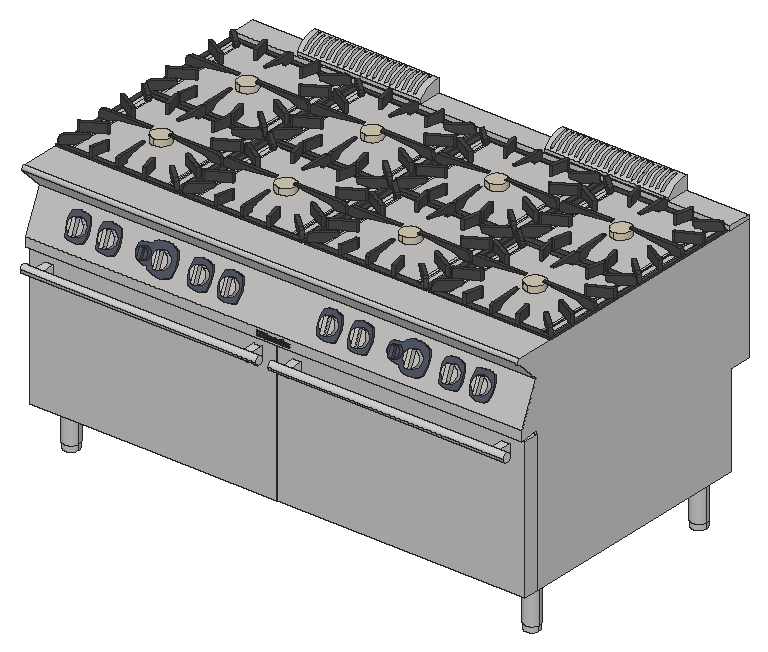
Revit family "QF_ELECTROLUXPROFESSIONAL_391017_E9GCGP8CG0", category Specialty Equipment, Revit 2018
Family settings
  Round Connector Dimension = Use Diameter
  Part Type = Normal
  Work Plane-Based = No
  Always vertical = Yes
  Cut with Voids When Loaded = No
  Shared = No
  Room Calculation Point = No
Parameters
  Width = 1200 mm
  Weight in Pounds = 300  # constant formula
  Watts = 0 W
  URL Cutsheet = "www.electrolux.com"
  URL = "www.electrolux.com"
  Type Mark [instance] = ""
  Status [instance] = ""
  Specification by User [instance] = ""
  Specification by Manufacturer = ""
  Show Logo [instance] = yes
  Show Clearance [instance] = yes
  Serial Number = ""
  Seismic Rating = ""
  SMACNA No = ""
  Revision Code [instance] = ""
  Omniclass Number and Title = ""
  NAFEM Spec ID Number = ""
  Model = "391017"
  Mechanical Remarks [instance] = ""
  Mechanical Connection Type [instance] = ""
  Masterspec = ""
  Manufacturer = "ELECTROLUX"
  Item Number [instance] = ""
  Installed By [instance] = ""
  Identify Quantity as Lot [instance] = yes
  Height = 909 mm
  HP = "0 HP"
  Gas Size = 12.7 mm  # 1/2"
  Gas RI Height [instance] = 0 mm
  Gas KW [instance] = 73  # constant formula
  Gas Input [instance] = 248857.0 Btu/h
  Gas Connection Height = 0 mm
  Furnished By [instance] = ""
  Foodservice Equipment Identifier [instance] = yes
  Direct Waste Size = 0"
  Description = "900XP 8 GAS BURNERS 6kW ON TWO GAS OVEN"
  Depth = 930 mm
  CSI MasterFormat = ""
  CSI Master Format = ""
  Assembly Code = ""
Reference planes
  plane 1 "BACK": y = 0
  plane 2: z = 0
  plane 3 "LEFT": x = 0
  plane 4 "RIGHT": x = 1600
  plane 5 "FRONT": y = -700
  plane 6 "TOP": z = 908
  plane 7 "Center Y": x = 800
  plane 8 "Center X": y = -350
  plane 9 "Base": z = 150
  plane 10: z = 850
  plane 11: y = -930
  plane 12: y = -1109
  plane 13: y = -128
  plane 14: y = -802
  plane 15: y = -1310
  plane 16: y = -665
  plane 17: x = 56
  plane 18: x = 1544
  plane 19: x = 749
Forms (mm)
  Extrusion 1, solid, material "QF_Finishes_Stainless Steel"
    sketch origin (0, 0, 0) x (0, 1, 0) y (0, 0, 1)
      loop
        line (0, 450) -> (0, 850) -> (-921.37, 850)
        arc (-921.37, 850) -> (-929.343, 844.673) -> (-927.472, 835.268) r 8.63
        line (-927.472, 835.268) -> (-858.266, 765.933) -> (-915.833, 640.576) -> (-915.833, 609.279) -> (-855.839, 613.975)
        arc (-855.839, 613.975) -> (-853.314, 613.227) -> (-852.222, 610.831) r 3.175
        line (-852.222, 610.831) -> (-852.222, 150) -> (-71, 150) -> (-71, 450) -> (0, 450)
    from 0 to 1600
  Extrusion 2, solid, material "QF_Finishes_Stainless Steel"
    sketch origin (0, -852.222, 610.831) x (0, 0, -1) y (1, 0, 0)
      loop
        line (460.831, 363.774) -> (460.831, 798) -> (9.61, 798) -> (9.61, 378.321) -> (9.61, 0) -> (460.831, 0) -> (460.831, 363.774)
      loop
        line (9.61, 1600) -> (9.61, 802) -> (460.831, 802) -> (460.831, 1600) -> (9.61, 1600)
    from 3.175 to 47.778
  Extrusion 3, solid, material "QF_Finishes_Stainless Steel"
    sketch origin (0, 0, 0) x (0, -1, 0) y (0, 0, 1)
      loop
        line (0, 850) -> (76.2, 850) -> (76.2, 864.288) -> (0, 864.288) -> (0, 850)
    from 0 to -1600
  Extrusion 4, solid, material "QF_Finishes_Stainless Steel"
    sketch origin (0, -852.222, 150) x (1, 0, 0) y (0, -1, 0)
      loop
        circle (1549, -187.222) r 6.4
      loop
        circle (749, -187.222) r 6.4
    from 0 to 22
  Extrusion 5, solid, material "QF_Door-Drawer Clearances", visible <- "Show Clearance", detail levels coarse
    sketch origin (0, -200, 0) x (0, 1, 0) y (0, 0, 1)
      loop
        line (-1110, 150) -> (-700, 150) -> (-700, 602.41)
        arc (-700, 602.41) -> (-992.25, 455.276) -> (-1110, 150) r 454.603
    from 0 to 798
  Extrusion 6, solid, material "QF_Clearances", visible <- "Show Clearance", detail levels coarse
    sketch origin (0, -200, 0) x (1, 0, 0) y (0, 1, 0)
      loop
        line (-100, -730) -> (0, -730) -> (0, 200) -> (1600, 200) -> (1600, -730) -> (1700, -730) -> (1700, 300) -> (-100, 300) -> (-100, -730)
    from 0 to 908
  Extrusion 7, solid, material "QF_Finishes_Handrails and Railings"
    sketch origin (0, -200, 0) x (0, 1, 0) y (0, 0, 1)
      loop
        line (-700, 579.101) -> (-738.549, 576.396)
        arc (-738.549, 576.396) -> (-739.742, 562.589) -> (-752.852, 558.093) r 12.7
        arc (-752.852, 558.093) -> (-752.311, 557.276) -> (-751.712, 556.501) r 13.441
        arc (-751.712, 556.501) -> (-749.907, 555.055) -> (-747.68, 554.435) r 5.77
        line (-747.68, 554.435) -> (-700, 551.092) -> (-700, 579.101)
    from 50.8 to 76.2
  Extrusion 8, solid, material "QF_Finishes_Handrails and Railings"
    sketch origin (800, -200, 0) x (0, 1, 0) y (0, 0, -1)
      loop
        line (-700, -579.101) -> (-700, -551.092) -> (-747.68, -554.435)
        arc (-747.68, -554.435) -> (-749.907, -555.055) -> (-751.712, -556.501) r 5.77
        arc (-751.712, -556.501) -> (-752.311, -557.276) -> (-752.852, -558.093) r 13.441
        arc (-752.852, -558.093) -> (-739.742, -562.589) -> (-738.549, -576.396) r 12.7
        line (-738.549, -576.396) -> (-700, -579.101)
    from 50.8 to 76.2
  Extrusion 9, solid, material "QF_Finishes_Handrails and Railings"
    sketch origin (0, -200, 0) x (0, 1, 0) y (0, 0, 1)
      loop
        circle (-749.749, 570.409) r 12.7
    from 19.875 to 780.125
  Extrusion 10, solid, material "QF_Finishes_Navy Blue"
    sketch origin (2.744, -913.772, 646.186) x (0, 0.418102, 0.9084) y (-1, 0, 0)
      loop
        arc (102.623, -510.47) -> (67.041, -502.846) -> (31.333, -509.853) r 90.5
        arc (31.333, -509.853) -> (24.507, -539.04) -> (31.333, -568.228) r 65.817
        arc (31.333, -568.228) -> (67.04, -575.188) -> (102.623, -567.615) r 91.066
        arc (102.623, -567.615) -> (109.179, -539.043) -> (102.623, -510.47) r 65.546
    from 0 to 3.175
  Extrusion 11, solid, material "QF_Finishes_Stainless Steel"
    sketch origin (381.494, -917.485, 645.711) x (0, 0.418102, 0.9084) y (-1, 0, 0)
      loop
        circle (68.826, -160.963) r 25.4
    from 0 to 12.7
  Extrusion 12, solid, material "QF_Finishes_Stainless Steel"
    sketch origin (381.494, -929.022, 651.021) x (0, 0.418102, 0.9084) y (-1, 0, 0)
      loop
        arc (93.558, -166.749) -> (94.226, -160.963) -> (93.558, -155.177) r 25.4
        line (93.558, -155.177) -> (44.094, -155.177)
        arc (44.094, -155.177) -> (43.426, -160.963) -> (44.094, -166.749) r 25.4
        line (44.094, -166.749) -> (93.558, -166.749)
    from 0 to 12.7
  Extrusion 13, solid, material "QF_Finishes_Navy Blue"
    sketch origin (-119.713, -913.772, 646.186) x (0, 0.418102, 0.9084) y (-1, 0, 0)
      loop
        arc (104.355, -502.587) -> (101.326, -501.258) -> (98.25, -500.039) r 91.066
        arc (98.25, -500.039) -> (96.592, -482.449) -> (93.213, -465.107) r 179.528
        arc (93.213, -465.107) -> (69.244, -452.795) -> (45.274, -465.107) r 29.489
        arc (45.274, -465.107) -> (38.909, -481.441) -> (37.449, -498.912) r 61.044
        arc (37.449, -498.912) -> (34.471, -499.962) -> (31.532, -501.116) r 91.066
        arc (31.532, -501.116) -> (19.517, -540.223) -> (32.929, -578.873) r 65.817
        arc (32.929, -578.873) -> (68.105, -585.173) -> (102.996, -577.452) r 91.066
        arc (102.996, -577.452) -> (115.418, -540.233) -> (104.355, -502.587) r 65.546
    from 0 to 3.175
  Extrusion 14, solid, material "QF_Finishes_Stainless Steel"
    sketch origin (259.037, -917.485, 645.711) x (0, 0.418102, 0.9084) y (-1, 0, 0)
      loop
        circle (68.826, -160.963) r 25.4
    from 0 to 12.7
  Extrusion 15, solid, material "QF_Finishes_Stainless Steel"
    sketch origin (259.037, -929.022, 651.021) x (0, 0.418102, 0.9084) y (-1, 0, 0)
      loop
        arc (93.558, -166.749) -> (94.226, -160.963) -> (93.558, -155.177) r 25.4
        line (93.558, -155.177) -> (44.094, -155.177)
        arc (44.094, -155.177) -> (43.426, -160.963) -> (44.094, -166.749) r 25.4
        line (44.094, -166.749) -> (93.558, -166.749)
    from 0 to 12.7
  Extrusion 16, solid, material "QF_Finishes_Navy Blue"
    sketch origin (201.537, -917.485, 645.711) x (0, 0.418102, 0.9084) y (-1, 0, 0)
      loop
        circle (68.826, -160.963) r 18.37
    from 0 to 12.7
  Extrusion 17, solid, material "QF_Finishes_Navy Blue"
    sketch origin (200.246, -929.022, 651.021) x (0, 0.418102, 0.9084) y (-1, 0, 0)
      loop
        arc (84.808, -167.687) -> (85.476, -161.901) -> (84.808, -156.114) r 25.4
        line (84.808, -156.114) -> (52.844, -156.114)
        arc (52.844, -156.114) -> (52.176, -161.901) -> (52.844, -167.687) r 25.4
        line (52.844, -167.687) -> (84.808, -167.687)
    from 0 to 8.112
  Extrusion 18, solid, material "QF_Finishes_Navy Blue"
    sketch origin (100.244, -913.772, 646.186) x (0, 0.418102, 0.9084) y (-1, 0, 0)
      loop
        arc (102.623, -510.47) -> (67.041, -502.846) -> (31.333, -509.853) r 90.5
        arc (31.333, -509.853) -> (24.507, -539.04) -> (31.333, -568.228) r 65.817
        arc (31.333, -568.228) -> (67.04, -575.188) -> (102.623, -567.615) r 91.066
        arc (102.623, -567.615) -> (109.179, -539.043) -> (102.623, -510.47) r 65.546
    from 0 to 3.175
  Extrusion 19, solid, material "QF_Finishes_Stainless Steel"
    sketch origin (478.994, -917.485, 645.711) x (0, 0.418102, 0.9084) y (-1, 0, 0)
      loop
        circle (68.826, -160.963) r 25.4
    from 0 to 12.7
  Extrusion 20, solid, material "QF_Finishes_Stainless Steel"
    sketch origin (478.994, -929.022, 651.021) x (0, 0.418102, 0.9084) y (-1, 0, 0)
      loop
        arc (93.558, -166.749) -> (94.226, -160.963) -> (93.558, -155.177) r 25.4
        line (93.558, -155.177) -> (44.094, -155.177)
        arc (44.094, -155.177) -> (43.426, -160.963) -> (44.094, -166.749) r 25.4
        line (44.094, -166.749) -> (93.558, -166.749)
    from 0 to 12.7
  Extrusion 21, solid, material "QF_Finishes_Navy Blue"
    sketch origin (-392.256, -913.772, 646.186) x (0, 0.418102, 0.9084) y (-1, 0, 0)
      loop
        arc (102.623, -510.47) -> (67.041, -502.846) -> (31.333, -509.853) r 90.5
        arc (31.333, -509.853) -> (24.507, -539.04) -> (31.333, -568.228) r 65.817
        arc (31.333, -568.228) -> (67.04, -575.188) -> (102.623, -567.615) r 91.066
        arc (102.623, -567.615) -> (109.179, -539.043) -> (102.623, -510.47) r 65.546
    from 0 to 3.175
  Extrusion 22, solid, material "QF_Finishes_Stainless Steel"
    sketch origin (-13.506, -917.485, 645.711) x (0, 0.418102, 0.9084) y (-1, 0, 0)
      loop
        circle (68.826, -160.963) r 25.4
    from 0 to 12.7
  Extrusion 23, solid, material "QF_Finishes_Stainless Steel"
    sketch origin (-13.506, -929.022, 651.021) x (0, 0.418102, 0.9084) y (-1, 0, 0)
      loop
        arc (93.558, -166.749) -> (94.226, -160.963) -> (93.558, -155.177) r 25.4
        line (93.558, -155.177) -> (44.094, -155.177)
        arc (44.094, -155.177) -> (43.426, -160.963) -> (44.094, -166.749) r 25.4
        line (44.094, -166.749) -> (93.558, -166.749)
    from 0 to 12.7
  Extrusion 24, solid, material "QF_Finishes_Navy Blue"
    sketch origin (-292.256, -913.772, 646.186) x (0, 0.418102, 0.9084) y (-1, 0, 0)
      loop
        arc (102.623, -510.47) -> (67.041, -502.846) -> (31.333, -509.853) r 90.5
        arc (31.333, -509.853) -> (24.507, -539.04) -> (31.333, -568.228) r 65.817
        arc (31.333, -568.228) -> (67.04, -575.188) -> (102.623, -567.615) r 91.066
        arc (102.623, -567.615) -> (109.179, -539.043) -> (102.623, -510.47) r 65.546
    from 0 to 3.175
  Extrusion 25, solid, material "QF_Finishes_Stainless Steel"
    sketch origin (86.494, -917.485, 645.711) x (0, 0.418102, 0.9084) y (-1, 0, 0)
      loop
        circle (68.826, -160.963) r 25.4
    from 0 to 12.7
  Extrusion 26, solid, material "QF_Finishes_Stainless Steel"
    sketch origin (86.494, -929.022, 651.021) x (0, 0.418102, 0.9084) y (-1, 0, 0)
      loop
        arc (93.558, -166.749) -> (94.226, -160.963) -> (93.558, -155.177) r 25.4
        line (93.558, -155.177) -> (44.094, -155.177)
        arc (44.094, -155.177) -> (43.426, -160.963) -> (44.094, -166.749) r 25.4
        line (44.094, -166.749) -> (93.558, -166.749)
    from 0 to 12.7
  Extrusion 27, solid, material "QF_Finishes_Stainless Steel"
    sketch origin (0, -852.222, 150) x (1, 0, 0) y (0, -1, 0)
      loop
        circle (1557, -276.222) r 12.7
    from 0 to 5
  Revolve 28, solid, material "QF_Finishes_Stainless Steel"
    sketch origin (1, -128, 0) x (1, 0, 0) y (0, 0, 1)
      loop
        line (55, 0) -> (55, 150) -> (29.6, 150) -> (29.6, 19.05) -> (32.1, 19.05) -> (32.1, 0) -> (55, 0)
      axis (55, 0) -> (55, 150)
    angle from 0 to 360
  Revolve 29, solid, material "QF_Finishes_Stainless Steel"
    sketch origin (1, -802, 0) x (1, 0, 0) y (0, 0, 1)
      loop
        line (55, 0) -> (55, 150) -> (29.6, 150) -> (29.6, 19.05) -> (32.1, 19.05) -> (32.1, 0) -> (55, 0)
      axis (55, 0) -> (55, 150)
    angle from 0 to 360
  Extrusion 30, solid, material "QF_Finishes_Stainless Steel"
    sketch origin (1000, -200, 590.5) x (0, 1, 0) y (0, 0, -1)
      loop
        line (200, -273.788) -> (130.15, -273.788) -> (130.15, -283.312)
        arc (130.15, -283.312) -> (160.928, -308.879) -> (200, -317.5) r 84.854
        line (200, -317.5) -> (200, -273.788)
    from 400 to 800
  Extrusion 31, void
    sketch origin (1265.011, 0, 865.138) x (1, 0, 0) y (0, 1, 0)
      loop
        line (-695.005, -6.761) -> (-695.005, -63.911) -> (-685.709, -63.911) -> (-685.709, -6.761) -> (-695.005, -6.761)
      loop
        line (-713.697, -6.761) -> (-713.697, -63.911) -> (-704.401, -63.911) -> (-704.401, -6.761) -> (-713.697, -6.761)
      loop
        line (-732.39, -6.761) -> (-732.39, -63.911) -> (-723.094, -63.911) -> (-723.094, -6.761) -> (-732.39, -6.761)
      loop
        line (-751.082, -6.761) -> (-751.082, -63.911) -> (-741.787, -63.911) -> (-741.787, -6.761) -> (-751.082, -6.761)
      loop
        line (-769.775, -6.761) -> (-769.775, -63.911) -> (-760.479, -63.911) -> (-760.479, -6.761) -> (-769.775, -6.761)
      loop
        line (-788.468, -6.761) -> (-788.468, -63.911) -> (-779.172, -63.911) -> (-779.172, -6.761) -> (-788.468, -6.761)
      loop
        line (-807.16, -6.761) -> (-807.16, -63.911) -> (-797.864, -63.911) -> (-797.864, -6.761) -> (-807.16, -6.761)
      loop
        line (-825.853, -6.761) -> (-825.853, -63.911) -> (-816.557, -63.911) -> (-816.557, -6.761) -> (-825.853, -6.761)
      loop
        line (-844.545, -6.761) -> (-844.545, -63.911) -> (-835.25, -63.911) -> (-835.25, -6.761) -> (-844.545, -6.761)
      loop
        line (-863.238, -6.761) -> (-863.238, -63.911) -> (-853.942, -63.911) -> (-853.942, -6.761) -> (-863.238, -6.761)
      loop
        line (-881.931, -6.761) -> (-881.931, -63.911) -> (-872.635, -63.911) -> (-872.635, -6.761) -> (-881.931, -6.761)
      loop
        line (-900.623, -6.761) -> (-900.623, -63.911) -> (-891.328, -63.911) -> (-891.328, -6.761) -> (-900.623, -6.761)
      loop
        line (-919.316, -6.761) -> (-919.316, -63.911) -> (-910.02, -63.911) -> (-910.02, -6.761) -> (-919.316, -6.761)
      loop
        line (-938.008, -6.761) -> (-938.008, -63.911) -> (-928.713, -63.911) -> (-928.713, -6.761) -> (-938.008, -6.761)
      loop
        line (-956.701, -6.761) -> (-956.701, -63.911) -> (-947.405, -63.911) -> (-947.405, -6.761) -> (-956.701, -6.761)
      loop
        line (-975.394, -6.761) -> (-975.394, -63.911) -> (-966.098, -63.911) -> (-966.098, -6.761) -> (-975.394, -6.761)
      loop
        line (-994.086, -6.761) -> (-994.086, -63.911) -> (-984.791, -63.911) -> (-984.791, -6.761) -> (-994.086, -6.761)
      loop
        line (-1012.779, -6.761) -> (-1012.779, -63.911) -> (-1003.483, -63.911) -> (-1003.483, -6.761) -> (-1012.779, -6.761)
      loop
        line (-1031.472, -6.761) -> (-1031.472, -63.911) -> (-1022.176, -63.911) -> (-1022.176, -6.761) -> (-1031.472, -6.761)
      loop
        line (-1050.164, -6.761) -> (-1050.164, -63.911) -> (-1040.868, -63.911) -> (-1040.868, -6.761) -> (-1050.164, -6.761)
    from 9.525 to 45.348
  Extrusion 32, solid, material "QF_Finishes_Handrails and Railings"
    sketch origin (1600, -200, 0) x (0, 1, 0) y (0, 0, -1)
      loop
        line (-700, -579.101) -> (-700, -551.092) -> (-747.68, -554.435)
        arc (-747.68, -554.435) -> (-749.907, -555.055) -> (-751.712, -556.501) r 5.77
        arc (-751.712, -556.501) -> (-752.311, -557.276) -> (-752.852, -558.093) r 13.441
        arc (-752.852, -558.093) -> (-739.742, -562.589) -> (-738.549, -576.396) r 12.7
        line (-738.549, -576.396) -> (-700, -579.101)
    from 50.8 to 76.2
  Extrusion 33, solid, material "QF_Finishes_Handrails and Railings"
    sketch origin (800, -200, 0) x (0, 1, 0) y (0, 0, 1)
      loop
        line (-700, 579.101) -> (-738.549, 576.396)
        arc (-738.549, 576.396) -> (-739.742, 562.589) -> (-752.852, 558.093) r 12.7
        arc (-752.852, 558.093) -> (-752.311, 557.276) -> (-751.712, 556.501) r 13.441
        arc (-751.712, 556.501) -> (-749.907, 555.055) -> (-747.68, 554.435) r 5.77
        line (-747.68, 554.435) -> (-700, 551.092) -> (-700, 579.101)
    from 50.8 to 76.2
  Extrusion 34, solid, material "QF_Finishes_Handrails and Railings"
    sketch origin (1600, -200, 0) x (0, 1, 0) y (0, 0, -1)
      loop
        circle (-749.749, -570.409) r 12.7
    from 19.875 to 780.125
  Revolve 35, solid, material "QF_Finishes_Stainless Steel"
    sketch origin (1599, -128, 0) x (-1, 0, 0) y (0, 0, -1)
      loop
        line (55, 0) -> (32.1, 0) -> (32.1, -19.05) -> (29.6, -19.05) -> (29.6, -150) -> (55, -150) -> (55, 0)
      axis (55, 0) -> (55, -150)
    angle from 0 to 360
  Revolve 36, solid, material "QF_Finishes_Stainless Steel"
    sketch origin (1599, -802, 0) x (-1, 0, 0) y (0, 0, -1)
      loop
        line (55, 0) -> (32.1, 0) -> (32.1, -19.05) -> (29.6, -19.05) -> (29.6, -150) -> (55, -150) -> (55, 0)
      axis (55, 0) -> (55, -150)
    angle from 0 to 360
  Extrusion 37, solid, material "QF_Finishes_Navy Blue"
    sketch origin (815.33, -913.772, 646.186) x (0, 0.418102, 0.9084) y (-1, 0, 0)
      loop
        arc (102.623, -510.47) -> (67.041, -502.846) -> (31.333, -509.853) r 90.5
        arc (31.333, -509.853) -> (24.507, -539.04) -> (31.333, -568.228) r 65.817
        arc (31.333, -568.228) -> (67.04, -575.188) -> (102.623, -567.615) r 91.066
        arc (102.623, -567.615) -> (109.179, -539.043) -> (102.623, -510.47) r 65.546
    from 0 to 3.175
  Extrusion 38, solid, material "QF_Finishes_Stainless Steel"
    sketch origin (1194.08, -917.485, 645.711) x (0, 0.418102, 0.9084) y (-1, 0, 0)
      loop
        circle (68.826, -160.963) r 25.4
    from 0 to 12.7
  Extrusion 39, solid, material "QF_Finishes_Stainless Steel"
    sketch origin (1194.08, -929.022, 651.021) x (0, 0.418102, 0.9084) y (-1, 0, 0)
      loop
        arc (93.558, -166.749) -> (94.226, -160.963) -> (93.558, -155.177) r 25.4
        line (93.558, -155.177) -> (44.094, -155.177)
        arc (44.094, -155.177) -> (43.426, -160.963) -> (44.094, -166.749) r 25.4
        line (44.094, -166.749) -> (93.558, -166.749)
    from 0 to 12.7
  Extrusion 40, solid, material "QF_Finishes_Navy Blue"
    sketch origin (692.873, -913.772, 646.186) x (0, 0.418102, 0.9084) y (-1, 0, 0)
      loop
        arc (104.355, -502.587) -> (101.326, -501.258) -> (98.25, -500.039) r 91.066
        arc (98.25, -500.039) -> (96.592, -482.449) -> (93.213, -465.107) r 179.528
        arc (93.213, -465.107) -> (69.244, -452.795) -> (45.274, -465.107) r 29.489
        arc (45.274, -465.107) -> (38.909, -481.441) -> (37.449, -498.912) r 61.044
        arc (37.449, -498.912) -> (34.471, -499.962) -> (31.532, -501.116) r 91.066
        arc (31.532, -501.116) -> (19.517, -540.223) -> (32.929, -578.873) r 65.817
        arc (32.929, -578.873) -> (68.105, -585.173) -> (102.996, -577.452) r 91.066
        arc (102.996, -577.452) -> (115.418, -540.233) -> (104.355, -502.587) r 65.546
    from 0 to 3.175
  Extrusion 41, solid, material "QF_Finishes_Stainless Steel"
    sketch origin (1071.623, -917.485, 645.711) x (0, 0.418102, 0.9084) y (-1, 0, 0)
      loop
        circle (68.826, -160.963) r 25.4
    from 0 to 12.7
  Extrusion 42, solid, material "QF_Finishes_Stainless Steel"
    sketch origin (1071.623, -929.022, 651.021) x (0, 0.418102, 0.9084) y (-1, 0, 0)
      loop
        arc (93.558, -166.749) -> (94.226, -160.963) -> (93.558, -155.177) r 25.4
        line (93.558, -155.177) -> (44.094, -155.177)
        arc (44.094, -155.177) -> (43.426, -160.963) -> (44.094, -166.749) r 25.4
        line (44.094, -166.749) -> (93.558, -166.749)
    from 0 to 12.7
  Extrusion 43, solid, material "QF_Finishes_Navy Blue"
    sketch origin (1014.123, -917.485, 645.711) x (0, 0.418102, 0.9084) y (-1, 0, 0)
      loop
        circle (68.826, -160.963) r 18.37
    from 0 to 12.7
  Extrusion 44, solid, material "QF_Finishes_Navy Blue"
    sketch origin (1012.832, -929.022, 651.021) x (0, 0.418102, 0.9084) y (-1, 0, 0)
      loop
        arc (84.808, -167.687) -> (85.476, -161.901) -> (84.808, -156.114) r 25.4
        line (84.808, -156.114) -> (52.844, -156.114)
        arc (52.844, -156.114) -> (52.176, -161.901) -> (52.844, -167.687) r 25.4
        line (52.844, -167.687) -> (84.808, -167.687)
    from 0 to 8.112
  Extrusion 45, solid, material "QF_Finishes_Navy Blue"
    sketch origin (912.83, -913.772, 646.186) x (0, 0.418102, 0.9084) y (-1, 0, 0)
      loop
        arc (102.623, -510.47) -> (67.041, -502.846) -> (31.333, -509.853) r 90.5
        arc (31.333, -509.853) -> (24.507, -539.04) -> (31.333, -568.228) r 65.817
        arc (31.333, -568.228) -> (67.04, -575.188) -> (102.623, -567.615) r 91.066
        arc (102.623, -567.615) -> (109.179, -539.043) -> (102.623, -510.47) r 65.546
    from 0 to 3.175
  Extrusion 46, solid, material "QF_Finishes_Stainless Steel"
    sketch origin (1291.58, -917.485, 645.711) x (0, 0.418102, 0.9084) y (-1, 0, 0)
      loop
        circle (68.826, -160.963) r 25.4
    from 0 to 12.7
  Extrusion 47, solid, material "QF_Finishes_Stainless Steel"
    sketch origin (1291.58, -929.022, 651.021) x (0, 0.418102, 0.9084) y (-1, 0, 0)
      loop
        arc (93.558, -166.749) -> (94.226, -160.963) -> (93.558, -155.177) r 25.4
        line (93.558, -155.177) -> (44.094, -155.177)
        arc (44.094, -155.177) -> (43.426, -160.963) -> (44.094, -166.749) r 25.4
        line (44.094, -166.749) -> (93.558, -166.749)
    from 0 to 12.7
  Extrusion 48, solid, material "QF_Finishes_Navy Blue"
    sketch origin (420.33, -913.772, 646.186) x (0, 0.418102, 0.9084) y (-1, 0, 0)
      loop
        arc (102.623, -510.47) -> (67.041, -502.846) -> (31.333, -509.853) r 90.5
        arc (31.333, -509.853) -> (24.507, -539.04) -> (31.333, -568.228) r 65.817
        arc (31.333, -568.228) -> (67.04, -575.188) -> (102.623, -567.615) r 91.066
        arc (102.623, -567.615) -> (109.179, -539.043) -> (102.623, -510.47) r 65.546
    from 0 to 3.175
  Extrusion 49, solid, material "QF_Finishes_Stainless Steel"
    sketch origin (799.08, -917.485, 645.711) x (0, 0.418102, 0.9084) y (-1, 0, 0)
      loop
        circle (68.826, -160.963) r 25.4
    from 0 to 12.7
  Extrusion 50, solid, material "QF_Finishes_Stainless Steel"
    sketch origin (799.08, -929.022, 651.021) x (0, 0.418102, 0.9084) y (-1, 0, 0)
      loop
        arc (93.558, -166.749) -> (94.226, -160.963) -> (93.558, -155.177) r 25.4
        line (93.558, -155.177) -> (44.094, -155.177)
        arc (44.094, -155.177) -> (43.426, -160.963) -> (44.094, -166.749) r 25.4
        line (44.094, -166.749) -> (93.558, -166.749)
    from 0 to 12.7
  Extrusion 51, solid, material "QF_Finishes_Navy Blue"
    sketch origin (520.33, -913.772, 646.186) x (0, 0.418102, 0.9084) y (-1, 0, 0)
      loop
        arc (102.623, -510.47) -> (67.041, -502.846) -> (31.333, -509.853) r 90.5
        arc (31.333, -509.853) -> (24.507, -539.04) -> (31.333, -568.228) r 65.817
        arc (31.333, -568.228) -> (67.04, -575.188) -> (102.623, -567.615) r 91.066
        arc (102.623, -567.615) -> (109.179, -539.043) -> (102.623, -510.47) r 65.546
    from 0 to 3.175
  Extrusion 52, solid, material "QF_Finishes_Stainless Steel"
    sketch origin (899.08, -917.485, 645.711) x (0, 0.418102, 0.9084) y (-1, 0, 0)
      loop
        circle (68.826, -160.963) r 25.4
    from 0 to 12.7
  Extrusion 53, solid, material "QF_Finishes_Stainless Steel"
    sketch origin (899.08, -929.022, 651.021) x (0, 0.418102, 0.9084) y (-1, 0, 0)
      loop
        arc (93.558, -166.749) -> (94.226, -160.963) -> (93.558, -155.177) r 25.4
        line (93.558, -155.177) -> (44.094, -155.177)
        arc (44.094, -155.177) -> (43.426, -160.963) -> (44.094, -166.749) r 25.4
        line (44.094, -166.749) -> (93.558, -166.749)
    from 0 to 12.7
  Extrusion 54, solid, material "QF_Door-Drawer Clearances", visible <- "Show Clearance", detail levels coarse
    sketch origin (0, -200, 0) x (0, 1, 0) y (0, 0, 1)
      loop
        line (-1110, 150) -> (-700, 150) -> (-700, 602.41)
        arc (-700, 602.41) -> (-992.25, 455.276) -> (-1110, 150) r 454.603
    from 802 to 1600
  Extrusion 55, solid, material "QF_Finishes_Navy Blue", visible <- "Show Logo"
    sketch origin (0, -915.833, 609.279) x (0, 0, 1) y (-1, 0, 0)
      loop
        line (22.168, -756.207) -> (9.801, -756.207)
        arc (9.801, -756.207) -> (15.985, -760.778) -> (22.168, -756.207) r 6.467
      loop
        arc (22.168, -755.578) -> (20.999, -750.435) -> (16.343, -747.957) r 6.338
        line (16.343, -747.957) -> (16.343, -750.003)
        arc (16.343, -750.003) -> (17.827, -753.658) -> (21.272, -755.578) r 5.941
        line (21.272, -755.578) -> (22.168, -755.578)
      loop
        arc (10.697, -755.578) -> (14.142, -753.658) -> (15.626, -750.003) r 5.941
        line (15.626, -750.003) -> (15.626, -747.957)
        arc (15.626, -747.957) -> (10.932, -750.431) -> (9.642, -755.578) r 6.504
        line (9.642, -755.578) -> (10.697, -755.578)
      loop
        line (22.843, -747.488) -> (9.098, -747.488) -> (9.098, -761.251) -> (22.843, -761.251) -> (22.843, -747.488)
      loop
        arc (22.926, -764.218) -> (22.579, -763.861) -> (22.212, -764.199) r 0.358
        arc (22.212, -764.199) -> (21.897, -764.949) -> (21.181, -765.334) r 1.216
        line (21.181, -765.334) -> (10.768, -765.334)
        arc (10.768, -765.334) -> (10.108, -765.056) -> (9.712, -764.46) r 1.238
        arc (9.712, -764.46) -> (9.317, -764.209) -> (9.012, -764.563) r 0.358
        line (9.012, -764.563) -> (9.012, -774.442) -> (11.763, -774.442) -> (11.763, -773.545)
        arc (11.763, -773.545) -> (10.854, -772.965) -> (10.398, -771.988) r 1.928
        line (10.398, -771.988) -> (10.398, -769.489)
        arc (10.398, -769.489) -> (10.674, -768.76) -> (11.362, -768.396) r 1.101
        line (11.362, -768.396) -> (15.449, -768.396) -> (15.449, -772.069)
        arc (15.449, -772.069) -> (15.096, -772.566) -> (14.531, -772.794) r 1.083
        arc (14.531, -772.794) -> (14.267, -773.1) -> (14.559, -773.378) r 0.292
        line (14.559, -773.378) -> (17.521, -773.378)
        arc (17.521, -773.378) -> (17.824, -773.105) -> (17.586, -772.775) r 0.305
        arc (17.586, -772.775) -> (17.095, -772.527) -> (16.79, -772.069) r 1.083
        line (16.79, -772.069) -> (16.79, -768.396) -> (21.467, -768.396) -> (21.467, -772.143)
        arc (21.467, -772.143) -> (21.253, -772.899) -> (20.647, -773.397) r 1.314
        arc (20.647, -773.397) -> (20.427, -773.801) -> (20.782, -774.093) r 0.361
        line (20.782, -774.093) -> (22.926, -774.093) -> (22.926, -764.218)
      loop
        arc (22.209, -774.874) -> (21.828, -775.793) -> (20.91, -776.173) r 1.299
        line (20.91, -776.173) -> (11.331, -776.173)
        arc (11.331, -776.173) -> (10.493, -775.795) -> (10.221, -774.917) r 1.118
        line (10.221, -774.917) -> (9.012, -774.917) -> (9.012, -780.267) -> (10.2, -780.267)
        arc (10.2, -780.267) -> (10.472, -779.35) -> (11.342, -778.954) r 1.153
        line (11.342, -778.954) -> (23.414, -778.954) -> (22.209, -774.874)
      loop
        line (13.977, -782.903) -> (13.977, -789.35) -> (14.776, -789.35)
        arc (14.776, -789.35) -> (17.356, -788.366) -> (18.625, -785.912) r 3.874
        line (18.625, -785.912) -> (18.625, -784.152)
        arc (18.625, -784.152) -> (17.438, -781.287) -> (14.574, -780.101) r 4.051
        line (14.574, -780.101) -> (12.566, -780.101)
        arc (12.566, -780.101) -> (9.747, -781.586) -> (8.695, -784.593) r 4.352
        arc (8.695, -784.593) -> (9.06, -787.056) -> (10.437, -789.13) r 5.713
        line (10.437, -789.13) -> (11.386, -789.13)
        arc (11.386, -789.13) -> (10.654, -787.561) -> (10.437, -785.843) r 5.579
        arc (10.437, -785.843) -> (11.231, -783.88) -> (13.11, -782.903) r 3.057
        line (13.11, -782.903) -> (13.977, -782.903)
      loop
        line (15.236, -782.903) -> (15.236, -786.485)
        arc (15.236, -786.485) -> (16.693, -786.532) -> (17.576, -785.373) r 1.59
        line (17.576, -785.373) -> (17.576, -784.543)
        arc (17.576, -784.543) -> (16.711, -783.288) -> (15.236, -782.903) r 2.184
      loop
        arc (18.027, -798.768) -> (18.516, -797.094) -> (18.673, -795.357) r 9.023
        line (18.673, -795.357) -> (18.673, -793.995)
        arc (18.673, -793.995) -> (17.514, -791.195) -> (14.714, -790.035) r 3.959
        line (14.714, -790.035) -> (12.114, -790.035)
        arc (12.114, -790.035) -> (9.832, -791.328) -> (8.715, -793.701) r 4.331
        line (8.715, -793.701) -> (8.715, -795.836)
        arc (8.715, -795.836) -> (9.223, -797.386) -> (10.145, -798.732) r 5.772
        arc (10.145, -798.732) -> (10.906, -798.783) -> (10.993, -798.024) r 0.553
        arc (10.993, -798.024) -> (10.605, -797.29) -> (10.471, -796.471) r 2.573
        line (10.471, -796.471) -> (10.471, -794.956)
        arc (10.471, -794.956) -> (11.477, -793.314) -> (13.292, -792.672) r 2.884
        line (13.292, -792.672) -> (14.57, -792.672)
        arc (14.57, -792.672) -> (16.392, -793.232) -> (17.318, -794.897) r 2.554
        line (17.318, -794.897) -> (17.318, -795.95)
        arc (17.318, -795.95) -> (16.987, -796.878) -> (16.33, -797.613) r 2.564
        arc (16.33, -797.613) -> (16.108, -798.33) -> (16.717, -798.768) r 0.643
        line (16.717, -798.768) -> (18.027, -798.768)
      loop
        line (17.009, -799.038) -> (17.009, -800.539) -> (10.961, -800.539)
        arc (10.961, -800.539) -> (9.373, -801.197) -> (8.715, -802.785) r 2.246
        line (8.715, -802.785) -> (8.715, -804.369)
        arc (8.715, -804.369) -> (9.029, -805.233) -> (9.529, -806.005) r 4.06
        arc (9.529, -806.005) -> (10.262, -806.138) -> (10.513, -805.437) r 0.576
        arc (10.513, -805.437) -> (10.407, -804.911) -> (10.471, -804.379) r 1.69
        arc (10.471, -804.379) -> (11.013, -803.591) -> (11.919, -803.288) r 1.506
        line (11.919, -803.288) -> (17.057, -803.288) -> (17.057, -805.685) -> (17.613, -806.241) -> (18.435, -806.241) -> (18.435, -803.382) -> (21.666, -803.382) -> (17.009, -799.038)
      loop
        line (8.932, -807.139) -> (8.932, -812.526) -> (10.042, -812.526)
        arc (10.042, -812.526) -> (10.436, -811.575) -> (11.387, -811.181) r 1.345
        line (11.387, -811.181) -> (15.003, -811.181)
        arc (15.003, -811.181) -> (15.768, -811.773) -> (16.057, -812.695) r 1.615
        line (16.057, -812.695) -> (16.057, -814.251) -> (18.613, -814.936) -> (18.613, -813.553) -> (16.671, -810.994) -> (18.551, -810.994) -> (18.267, -808.288)
        arc (18.267, -808.288) -> (17.827, -807.758) -> (17.168, -807.959) r 0.621
        arc (17.168, -807.959) -> (16.768, -808.301) -> (16.274, -808.484) r 1.501
        line (16.274, -808.484) -> (11.387, -808.484)
        arc (11.387, -808.484) -> (10.436, -808.09) -> (10.042, -807.139) r 1.345
        line (10.042, -807.139) -> (8.932, -807.139)
      loop
        line (15.034, -814.473) -> (12.342, -814.473)
        arc (12.342, -814.473) -> (9.896, -815.781) -> (8.763, -818.311) r 4.288
        arc (8.763, -818.311) -> (8.699, -819.692) -> (8.763, -821.072) r 15.022
        arc (8.763, -821.072) -> (9.896, -823.603) -> (12.342, -824.91) r 4.288
        line (12.342, -824.91) -> (15.034, -824.91)
        arc (15.034, -824.91) -> (17.479, -823.603) -> (18.613, -821.072) r 4.288
        arc (18.613, -821.072) -> (18.677, -819.692) -> (18.613, -818.311) r 15.022
        arc (18.613, -818.311) -> (17.479, -815.781) -> (15.034, -814.473) r 4.288
      loop
        line (15.239, -817.587) -> (12.137, -817.587)
        arc (12.137, -817.587) -> (9.98, -819.744) -> (12.137, -821.901) r 2.157
        line (12.137, -821.901) -> (15.239, -821.901)
        arc (15.239, -821.901) -> (17.396, -819.744) -> (15.239, -817.587) r 2.157
      loop
        arc (22.22, -824.768) -> (21.849, -825.662) -> (20.955, -826.033) r 1.264
        line (20.955, -826.033) -> (11.091, -826.033)
        arc (11.091, -826.033) -> (10.221, -825.636) -> (9.949, -824.72) r 1.153
        line (9.949, -824.72) -> (9.012, -824.72) -> (9.012, -829.828) -> (9.94, -829.828)
        arc (9.94, -829.828) -> (10.299, -829.056) -> (11.091, -828.741) r 1.153
        line (11.091, -828.741) -> (23.414, -828.741) -> (22.22, -824.768)
      loop
        arc (17.34, -829.365) -> (17.141, -830.43) -> (16.172, -830.912) r 1.215
        line (16.172, -830.912) -> (11.152, -830.912)
        arc (11.152, -830.912) -> (9.537, -831.559) -> (8.816, -833.142) r 2.338
        line (8.816, -833.142) -> (8.816, -834.657)
        arc (8.816, -834.657) -> (8.991, -835.661) -> (9.493, -836.547) r 2.979
        line (9.493, -836.547) -> (9.012, -838.344) -> (9.012, -840.032) -> (18.437, -840.032) -> (18.143, -835.829) -> (17.357, -835.829)
        arc (17.357, -835.829) -> (17.001, -836.665) -> (16.249, -837.174) r 1.605
        line (16.249, -837.174) -> (11.146, -837.174)
        arc (11.146, -837.174) -> (10.726, -836.237) -> (10.653, -835.213) r 2.94
        arc (10.653, -835.213) -> (11.214, -834.112) -> (12.367, -833.669) r 1.724
        line (12.367, -833.669) -> (18.564, -833.669) -> (17.34, -829.365)
      loop
        line (18.368, -840.886) -> (16.696, -842.932) -> (13.522, -845.238) -> (10.066, -842.126)
        arc (10.066, -842.126) -> (9.828, -841.732) -> (9.851, -841.273) r 0.789
        line (9.851, -841.273) -> (9.012, -841.273) -> (9.012, -844.818) -> (9.838, -844.818)
        arc (9.838, -844.818) -> (10.18, -844.456) -> (10.67, -844.548) r 0.52
        line (10.67, -844.548) -> (12.47, -846.019) -> (10.352, -847.394)
        arc (10.352, -847.394) -> (9.951, -847.084) -> (9.864, -846.585) r 0.7
        line (9.864, -846.585) -> (9.012, -846.585) -> (9.012, -852.512) -> (9.898, -852.512)
        arc (9.898, -852.512) -> (9.965, -851.853) -> (10.36, -851.322) r 1.247
        line (10.36, -851.322) -> (14.56, -848.041) -> (17.007, -850.094) -> (18.368, -851.836) -> (18.368, -848.112) -> (16.883, -848.535) -> (15.362, -847.258) -> (17.062, -846.068) -> (18.368, -846.844) -> (18.368, -840.886)
    from 0 to 1.644
  Extrusion 56, solid, material "QF_Finishes_Stainless Steel"
    sketch origin (1800, -200, 590.5) x (0, 1, 0) y (0, 0, -1)
      loop
        line (200, -273.788) -> (130.15, -273.788) -> (130.15, -283.312)
        arc (130.15, -283.312) -> (160.928, -308.879) -> (200, -317.5) r 84.854
        line (200, -317.5) -> (200, -273.788)
    from 400 to 800
  Extrusion 57, void
    sketch origin (2065.011, 0, 865.138) x (1, 0, 0) y (0, 1, 0)
      loop
        line (-695.005, -6.761) -> (-695.005, -63.911) -> (-685.709, -63.911) -> (-685.709, -6.761) -> (-695.005, -6.761)
      loop
        line (-713.697, -6.761) -> (-713.697, -63.911) -> (-704.401, -63.911) -> (-704.401, -6.761) -> (-713.697, -6.761)
      loop
        line (-732.39, -6.761) -> (-732.39, -63.911) -> (-723.094, -63.911) -> (-723.094, -6.761) -> (-732.39, -6.761)
      loop
        line (-751.082, -6.761) -> (-751.082, -63.911) -> (-741.787, -63.911) -> (-741.787, -6.761) -> (-751.082, -6.761)
      loop
        line (-769.775, -6.761) -> (-769.775, -63.911) -> (-760.479, -63.911) -> (-760.479, -6.761) -> (-769.775, -6.761)
      loop
        line (-788.468, -6.761) -> (-788.468, -63.911) -> (-779.172, -63.911) -> (-779.172, -6.761) -> (-788.468, -6.761)
      loop
        line (-807.16, -6.761) -> (-807.16, -63.911) -> (-797.864, -63.911) -> (-797.864, -6.761) -> (-807.16, -6.761)
      loop
        line (-825.853, -6.761) -> (-825.853, -63.911) -> (-816.557, -63.911) -> (-816.557, -6.761) -> (-825.853, -6.761)
      loop
        line (-844.545, -6.761) -> (-844.545, -63.911) -> (-835.25, -63.911) -> (-835.25, -6.761) -> (-844.545, -6.761)
      loop
        line (-863.238, -6.761) -> (-863.238, -63.911) -> (-853.942, -63.911) -> (-853.942, -6.761) -> (-863.238, -6.761)
      loop
        line (-881.931, -6.761) -> (-881.931, -63.911) -> (-872.635, -63.911) -> (-872.635, -6.761) -> (-881.931, -6.761)
      loop
        line (-900.623, -6.761) -> (-900.623, -63.911) -> (-891.328, -63.911) -> (-891.328, -6.761) -> (-900.623, -6.761)
      loop
        line (-919.316, -6.761) -> (-919.316, -63.911) -> (-910.02, -63.911) -> (-910.02, -6.761) -> (-919.316, -6.761)
      loop
        line (-938.008, -6.761) -> (-938.008, -63.911) -> (-928.713, -63.911) -> (-928.713, -6.761) -> (-938.008, -6.761)
      loop
        line (-956.701, -6.761) -> (-956.701, -63.911) -> (-947.405, -63.911) -> (-947.405, -6.761) -> (-956.701, -6.761)
      loop
        line (-975.394, -6.761) -> (-975.394, -63.911) -> (-966.098, -63.911) -> (-966.098, -6.761) -> (-975.394, -6.761)
      loop
        line (-994.086, -6.761) -> (-994.086, -63.911) -> (-984.791, -63.911) -> (-984.791, -6.761) -> (-994.086, -6.761)
      loop
        line (-1012.779, -6.761) -> (-1012.779, -63.911) -> (-1003.483, -63.911) -> (-1003.483, -6.761) -> (-1012.779, -6.761)
      loop
        line (-1031.472, -6.761) -> (-1031.472, -63.911) -> (-1022.176, -63.911) -> (-1022.176, -6.761) -> (-1031.472, -6.761)
      loop
        line (-1050.164, -6.761) -> (-1050.164, -63.911) -> (-1040.868, -63.911) -> (-1040.868, -6.761) -> (-1050.164, -6.761)
    from 9.525 to 45.348
Cuts and joins
  Extrusion 31, Extrusion 57 cuts Extrusion 30
  Extrusion 57 cuts Extrusion 56
Lines and regions (mm)
  symbolic lines, style "QF_Door-Drawer Clearances"
    curve 1: line (0, -930, 150) -> (0, -1310, 150)
    curve 2: line (0, -1310, 150) -> (798, -1310, 150)
    curve 3: line (1600, -1310, 150) -> (1600, -930, 150)
    curve 121: line (802, -930, 0) -> (802, -1310, 0)
    curve 122: line (798, -1310, 0) -> (798, -930, 0)
    curve 123: line (802, -1310, 150) -> (1600, -1310, 150)
  symbolic lines
    curve 4: line (1600, -930, 150) -> (0, -930, 150)
    curve 5: line (0, 0, 150) -> (0, -930, 150)
    curve 6: line (1600, -930, 150) -> (1600, 0, 150)
    curve 7: line (0, 0, 150) -> (1600, 0, 150)
    curve 11: line (780.125, -962.449, 150) -> (19.875, -962.449, 150)
    curve 12: line (780.125, -937.049, 150) -> (780.125, -962.449, 150)
    curve 13: line (749.2, -938.549, 150) -> (749.2, -930, 150)
    curve 14: line (723.8, -938.549, 150) -> (723.8, -930, 150)
    curve 15: line (723.8, -938.549, 150) -> (749.2, -938.549, 150)
    curve 16: line (19.875, -937.049, 150) -> (50.8, -937.049, 150)
    curve 17: line (749.2, -937.049, 150) -> (780.125, -937.049, 150)
    curve 18: line (50.8, -938.549, 150) -> (50.8, -930, 150)
    curve 19: line (76.2, -930, 150) -> (76.2, -938.549, 150)
    curve 20: line (19.875, -937.049, 150) -> (50.8, -937.049, 150)
    curve 21: line (19.875, -962.449, 150) -> (19.875, -937.049, 150)
    curve 22: line (50.8, -938.549, 150) -> (76.2, -938.549, 150)
    curve 23: line (76.2, -937.049, 150) -> (723.8, -937.049, 150)
    curve 24: line (0, -76.2, 0) -> (1200, -76.2, 0)
    curve 25: line (570.006, -6.761, 150) -> (570.006, -63.911, 150)
    curve 26: line (570.006, -63.911, 150) -> (579.302, -63.911, 150)
    curve 27: line (579.302, -63.911, 150) -> (579.302, -6.761, 150)
    curve 28: line (579.302, -6.761, 150) -> (570.006, -6.761, 150)
    curve 29: line (364.388, -6.761, 150) -> (364.388, -63.911, 150)
    curve 30: line (364.388, -63.911, 150) -> (373.683, -63.911, 150)
    curve 31: line (373.683, -63.911, 150) -> (373.683, -6.761, 150)
    curve 32: line (373.683, -6.761, 150) -> (364.388, -6.761, 150)
    curve 33: line (383.08, -6.761, 150) -> (383.08, -63.911, 150)
    curve 34: line (383.08, -63.911, 150) -> (392.376, -63.911, 150)
    curve 35: line (392.376, -63.911, 150) -> (392.376, -6.761, 150)
    curve 36: line (392.376, -6.761, 150) -> (383.08, -6.761, 150)
    curve 37: line (401.773, -6.761, 150) -> (401.773, -63.911, 150)
    curve 38: line (401.773, -63.911, 150) -> (411.069, -63.911, 150)
    curve 39: line (411.069, -63.911, 150) -> (411.069, -6.761, 150)
    curve 40: line (411.069, -6.761, 150) -> (401.773, -6.761, 150)
    curve 41: line (420.466, -6.761, 150) -> (420.466, -63.911, 150)
    curve 42: line (420.466, -63.911, 150) -> (429.761, -63.911, 150)
    curve 43: line (429.761, -63.911, 150) -> (429.761, -6.761, 150)
    curve 44: line (429.761, -6.761, 150) -> (420.466, -6.761, 150)
    curve 45: line (439.158, -6.761, 150) -> (439.158, -63.911, 150)
    curve 46: line (439.158, -63.911, 150) -> (448.454, -63.911, 150)
    curve 47: line (448.454, -63.911, 150) -> (448.454, -6.761, 150)
    curve 48: line (448.454, -6.761, 150) -> (439.158, -6.761, 150)
    curve 49: line (457.851, -6.761, 150) -> (457.851, -63.911, 150)
    curve 50: line (457.851, -63.911, 150) -> (467.146, -63.911, 150)
    curve 51: line (467.146, -63.911, 150) -> (467.146, -6.761, 150)
    curve 52: line (467.146, -6.761, 150) -> (457.851, -6.761, 150)
    curve 53: line (476.543, -6.761, 150) -> (476.543, -63.911, 150)
    curve 54: line (476.543, -63.911, 150) -> (485.839, -63.911, 150)
    curve 55: line (485.839, -63.911, 150) -> (485.839, -6.761, 150)
    curve 56: line (485.839, -6.761, 150) -> (476.543, -6.761, 150)
    curve 57: line (495.236, -6.761, 150) -> (495.236, -63.911, 150)
    curve 58: line (495.236, -63.911, 150) -> (504.532, -63.911, 150)
    curve 59: line (504.532, -63.911, 150) -> (504.532, -6.761, 150)
    curve 60: line (504.532, -6.761, 150) -> (495.236, -6.761, 150)
    curve 61: line (513.929, -6.761, 150) -> (513.929, -63.911, 150)
    curve 62: line (513.929, -63.911, 150) -> (523.224, -63.911, 150)
    curve 63: line (523.224, -63.911, 150) -> (523.224, -6.761, 150)
    curve 64: line (523.224, -6.761, 150) -> (513.929, -6.761, 150)
    curve 65: line (532.621, -6.761, 150) -> (532.621, -63.911, 150)
    curve 66: line (532.621, -63.911, 150) -> (541.917, -63.911, 150)
    curve 67: line (541.917, -63.911, 150) -> (541.917, -6.761, 150)
    curve 68: line (541.917, -6.761, 150) -> (532.621, -6.761, 150)
    curve 69: line (551.314, -6.761, 150) -> (551.314, -63.911, 150)
    curve 70: line (551.314, -63.911, 150) -> (560.61, -63.911, 150)
    curve 71: line (560.61, -63.911, 150) -> (560.61, -6.761, 150)
    curve 72: line (560.61, -6.761, 150) -> (551.314, -6.761, 150)
    curve 73: line (214.847, -6.761, 150) -> (214.847, -63.911, 150)
    curve 74: line (214.847, -63.911, 150) -> (224.143, -63.911, 150)
    curve 75: line (224.143, -63.911, 150) -> (224.143, -6.761, 150)
    curve 76: line (224.143, -6.761, 150) -> (214.847, -6.761, 150)
    curve 77: line (233.539, -6.761, 150) -> (233.539, -63.911, 150)
    curve 78: line (233.539, -63.911, 150) -> (242.835, -63.911, 150)
    curve 79: line (242.835, -63.911, 150) -> (242.835, -6.761, 150)
    curve 80: line (242.835, -6.761, 150) -> (233.539, -6.761, 150)
    curve 81: line (252.232, -6.761, 150) -> (252.232, -63.911, 150)
    curve 82: line (252.232, -63.911, 150) -> (261.528, -63.911, 150)
    curve 83: line (261.528, -63.911, 150) -> (261.528, -6.761, 150)
    curve 84: line (261.528, -6.761, 150) -> (252.232, -6.761, 150)
    curve 85: line (270.925, -6.761, 150) -> (270.925, -63.911, 150)
    curve 86: line (270.925, -63.911, 150) -> (280.22, -63.911, 150)
    curve 87: line (280.22, -63.911, 150) -> (280.22, -6.761, 150)
    curve 88: line (280.22, -6.761, 150) -> (270.925, -6.761, 150)
    curve 89: line (289.617, -6.761, 150) -> (289.617, -63.911, 150)
    curve 90: line (289.617, -63.911, 150) -> (298.913, -63.911, 150)
    curve 91: line (298.913, -63.911, 150) -> (298.913, -6.761, 150)
    curve 92: line (298.913, -6.761, 150) -> (289.617, -6.761, 150)
    curve 93: line (308.31, -6.761, 150) -> (308.31, -63.911, 150)
    curve 94: line (308.31, -63.911, 150) -> (317.606, -63.911, 150)
    curve 95: line (317.606, -63.911, 150) -> (317.606, -6.761, 150)
    curve 96: line (317.606, -6.761, 150) -> (308.31, -6.761, 150)
    curve 97: line (327.002, -6.761, 150) -> (327.002, -63.911, 150)
    curve 98: line (327.002, -63.911, 150) -> (336.298, -63.911, 150)
    curve 99: line (336.298, -63.911, 150) -> (336.298, -6.761, 150)
    curve 100: line (336.298, -6.761, 150) -> (327.002, -6.761, 150)
    curve 101: line (345.695, -6.761, 150) -> (345.695, -63.911, 150)
    curve 102: line (345.695, -63.911, 150) -> (354.991, -63.911, 150)
    curve 103: line (354.991, -63.911, 150) -> (354.991, -6.761, 150)
    curve 104: line (354.991, -6.761, 150) -> (345.695, -6.761, 150)
    curve 105: line (200, -69.85, 150) -> (200, 0, 150)
    curve 106: line (600, -69.85, 150) -> (600, 0, 150)
    curve 107: line (600, -69.85, 0) -> (200, -69.85, 0)
    curve 108: line (819.875, -962.449, 150) -> (1580.125, -962.449, 150)
    curve 109: line (819.875, -937.049, 150) -> (819.875, -962.449, 150)
    curve 110: line (850.8, -938.549, 150) -> (850.8, -930, 150)
    curve 111: line (876.2, -938.549, 150) -> (876.2, -930, 150)
    curve 112: line (876.2, -938.549, 150) -> (850.8, -938.549, 150)
    curve 113: line (1580.125, -937.049, 150) -> (1549.2, -937.049, 150)
    curve 114: line (850.8, -937.049, 150) -> (819.875, -937.049, 150)
    curve 115: line (1549.2, -938.549, 150) -> (1549.2, -930, 150)
    curve 116: line (1523.8, -930, 150) -> (1523.8, -938.549, 150)
    curve 117: line (1580.125, -937.049, 150) -> (1549.2, -937.049, 150)
    curve 118: line (1580.125, -962.449, 150) -> (1580.125, -937.049, 150)
    curve 119: line (1549.2, -938.549, 150) -> (1523.8, -938.549, 150)
    curve 120: line (1523.8, -937.049, 150) -> (876.2, -937.049, 150)
    curve 124: line (1370.006, -6.761, 150) -> (1370.006, -63.911, 150)
    curve 125: line (1370.006, -63.911, 150) -> (1379.302, -63.911, 150)
    curve 126: line (1379.302, -63.911, 150) -> (1379.302, -6.761, 150)
    curve 127: line (1379.302, -6.761, 150) -> (1370.006, -6.761, 150)
    curve 128: line (1164.388, -6.761, 150) -> (1164.388, -63.911, 150)
    curve 129: line (1164.388, -63.911, 150) -> (1173.683, -63.911, 150)
    curve 130: line (1173.683, -63.911, 150) -> (1173.683, -6.761, 150)
    curve 131: line (1173.683, -6.761, 150) -> (1164.388, -6.761, 150)
    curve 132: line (1183.08, -6.761, 150) -> (1183.08, -63.911, 150)
    curve 133: line (1183.08, -63.911, 150) -> (1192.376, -63.911, 150)
    curve 134: line (1192.376, -63.911, 150) -> (1192.376, -6.761, 150)
    curve 135: line (1192.376, -6.761, 150) -> (1183.08, -6.761, 150)
    curve 136: line (1201.773, -6.761, 150) -> (1201.773, -63.911, 150)
    curve 137: line (1201.773, -63.911, 150) -> (1211.069, -63.911, 150)
    curve 138: line (1211.069, -63.911, 150) -> (1211.069, -6.761, 150)
    curve 139: line (1211.069, -6.761, 150) -> (1201.773, -6.761, 150)
    curve 140: line (1220.466, -6.761, 150) -> (1220.466, -63.911, 150)
    curve 141: line (1220.466, -63.911, 150) -> (1229.761, -63.911, 150)
    curve 142: line (1229.761, -63.911, 150) -> (1229.761, -6.761, 150)
    curve 143: line (1229.761, -6.761, 150) -> (1220.466, -6.761, 150)
    curve 144: line (1239.158, -6.761, 150) -> (1239.158, -63.911, 150)
    curve 145: line (1239.158, -63.911, 150) -> (1248.454, -63.911, 150)
    curve 146: line (1248.454, -63.911, 150) -> (1248.454, -6.761, 150)
    curve 147: line (1248.454, -6.761, 150) -> (1239.158, -6.761, 150)
    curve 148: line (1257.851, -6.761, 150) -> (1257.851, -63.911, 150)
    curve 149: line (1257.851, -63.911, 150) -> (1267.146, -63.911, 150)
    curve 150: line (1267.146, -63.911, 150) -> (1267.146, -6.761, 150)
    curve 151: line (1267.146, -6.761, 150) -> (1257.851, -6.761, 150)
    curve 152: line (1276.543, -6.761, 150) -> (1276.543, -63.911, 150)
    curve 153: line (1276.543, -63.911, 150) -> (1285.839, -63.911, 150)
    curve 154: line (1285.839, -63.911, 150) -> (1285.839, -6.761, 150)
    curve 155: line (1285.839, -6.761, 150) -> (1276.543, -6.761, 150)
    curve 156: line (1295.236, -6.761, 150) -> (1295.236, -63.911, 150)
    curve 157: line (1295.236, -63.911, 150) -> (1304.532, -63.911, 150)
    curve 158: line (1304.532, -63.911, 150) -> (1304.532, -6.761, 150)
    curve 159: line (1304.532, -6.761, 150) -> (1295.236, -6.761, 150)
    curve 160: line (1313.929, -6.761, 150) -> (1313.929, -63.911, 150)
    curve 161: line (1313.929, -63.911, 150) -> (1323.224, -63.911, 150)
    curve 162: line (1323.224, -63.911, 150) -> (1323.224, -6.761, 150)
    curve 163: line (1323.224, -6.761, 150) -> (1313.929, -6.761, 150)
    curve 164: line (1332.621, -6.761, 150) -> (1332.621, -63.911, 150)
    curve 165: line (1332.621, -63.911, 150) -> (1341.917, -63.911, 150)
    curve 166: line (1341.917, -63.911, 150) -> (1341.917, -6.761, 150)
    curve 167: line (1341.917, -6.761, 150) -> (1332.621, -6.761, 150)
    curve 168: line (1351.314, -6.761, 150) -> (1351.314, -63.911, 150)
    curve 169: line (1351.314, -63.911, 150) -> (1360.61, -63.911, 150)
    curve 170: line (1360.61, -63.911, 150) -> (1360.61, -6.761, 150)
    curve 171: line (1360.61, -6.761, 150) -> (1351.314, -6.761, 150)
    curve 172: line (1014.847, -6.761, 150) -> (1014.847, -63.911, 150)
    curve 173: line (1014.847, -63.911, 150) -> (1024.143, -63.911, 150)
    curve 174: line (1024.143, -63.911, 150) -> (1024.143, -6.761, 150)
    curve 175: line (1024.143, -6.761, 150) -> (1014.847, -6.761, 150)
    curve 176: line (1033.539, -6.761, 150) -> (1033.539, -63.911, 150)
    curve 177: line (1033.539, -63.911, 150) -> (1042.835, -63.911, 150)
    curve 178: line (1042.835, -63.911, 150) -> (1042.835, -6.761, 150)
    curve 179: line (1042.835, -6.761, 150) -> (1033.539, -6.761, 150)
    curve 180: line (1052.232, -6.761, 150) -> (1052.232, -63.911, 150)
    curve 181: line (1052.232, -63.911, 150) -> (1061.528, -63.911, 150)
    curve 182: line (1061.528, -63.911, 150) -> (1061.528, -6.761, 150)
    curve 183: line (1061.528, -6.761, 150) -> (1052.232, -6.761, 150)
    curve 184: line (1070.925, -6.761, 150) -> (1070.925, -63.911, 150)
    curve 185: line (1070.925, -63.911, 150) -> (1080.22, -63.911, 150)
    curve 186: line (1080.22, -63.911, 150) -> (1080.22, -6.761, 150)
    curve 187: line (1080.22, -6.761, 150) -> (1070.925, -6.761, 150)
    curve 188: line (1089.617, -6.761, 150) -> (1089.617, -63.911, 150)
    curve 189: line (1089.617, -63.911, 150) -> (1098.913, -63.911, 150)
    curve 190: line (1098.913, -63.911, 150) -> (1098.913, -6.761, 150)
    curve 191: line (1098.913, -6.761, 150) -> (1089.617, -6.761, 150)
    curve 192: line (1108.31, -6.761, 150) -> (1108.31, -63.911, 150)
    curve 193: line (1108.31, -63.911, 150) -> (1117.606, -63.911, 150)
    curve 194: line (1117.606, -63.911, 150) -> (1117.606, -6.761, 150)
    curve 195: line (1117.606, -6.761, 150) -> (1108.31, -6.761, 150)
    curve 196: line (1127.002, -6.761, 150) -> (1127.002, -63.911, 150)
    curve 197: line (1127.002, -63.911, 150) -> (1136.298, -63.911, 150)
    curve 198: line (1136.298, -63.911, 150) -> (1136.298, -6.761, 150)
    curve 199: line (1136.298, -6.761, 150) -> (1127.002, -6.761, 150)
    curve 200: line (1145.695, -6.761, 150) -> (1145.695, -63.911, 150)
    curve 201: line (1145.695, -63.911, 150) -> (1154.991, -63.911, 150)
    curve 202: line (1154.991, -63.911, 150) -> (1154.991, -6.761, 150)
    curve 203: line (1154.991, -6.761, 150) -> (1145.695, -6.761, 150)
    curve 204: line (1000, -69.85, 150) -> (1000, 0, 150)
    curve 205: line (1400, -69.85, 150) -> (1400, 0, 150)
    curve 206: line (1400, -69.85, 0) -> (1000, -69.85, 0)
  symbolic lines, style "QF_Clearances", visible <- "Show Clearance", detail levels coarse
    curve 8: line (-100, -930, 150) -> (-100, 100, 150)
    curve 9: line (-100, 100, 150) -> (1700, 100, 150)
    curve 10: line (1700, 100, 150) -> (1700, -930, 150)
Dimensions and locks
  equal spacing: plane 3 "LEFT", plane 7 "Center Y", plane 4 "RIGHT"
  plane 3 "LEFT" to plane 4 "RIGHT" = 1600 mm
  equal spacing: plane 5 "FRONT", plane 8 "Center X", plane 1 "BACK"
  plane 11 to plane 1 "BACK" = 930 mm  (x2)
  plane 6 "TOP" to level = 908 mm
  plane 9 "Base" to level = 150 mm
  plane 6 "TOP" to plane 10 = 58 mm  (x3)
  plane 1 "BACK" to plane 11 = 930 mm
  plane 1 "BACK" to plane 12 = 1109 mm
  plane 13 to plane 1 "BACK" = 128 mm
  plane 9 "Base" to plane 2 = 150 mm
  plane 14 to plane 13 = 674 mm
  plane 15 to plane 1 "BACK" = 1310 mm
  plane 16 to plane 1 "BACK" = 665 mm
  plane 6 "TOP" to plane 2 = 908 mm
  plane 10 to plane 2 = 850 mm
  plane 3 "LEFT" to plane 17 = 56 mm
  Extrusion 6 sketch curve to Extrusion 6 sketch curve = 100 mm
  Extrusion 4 sketch curve to plane 1 "BACK" = 665 mm
  Extrusion 4 sketch curve to plane 4 "RIGHT" = 51 mm
  Extrusion 4 sketch curve to plane 4 "RIGHT" = 851 mm
  plane 4 "RIGHT" to plane 18 to plane 17 = 56 mm, 1488 mm
  plane 4 "RIGHT" to plane 19 = 851 mm
  Extrusion 54 to plane 1 "BACK" = 900 mm
  Extrusion 54 to plane 14 = 98 mm
  plane 9 "Base" to Extrusion 1 = 300 mm
  Extrusion 1 to plane 1 "BACK" = 71 mm
  plane 2 to Extrusion 4 = 128 mm
  aligned and locked: level to plane 2
  aligned and locked: plane 4 "RIGHT" to Extrusion 1
  aligned and locked: plane 4 "RIGHT" to Extrusion 3
Automatic sketch dimensions
  curve 24 to plane 3 "LEFT" = 0 mm
  plane 11 to curve 122 = 0 mm
  curve 122 to plane 15 = 0 mm
  plane 11 to curve 121 = 0 mm
  curve 121 to plane 15 = 0 mm
  curve 107 to plane 13 = 58.15 mm
  curve 107 to plane 17 = 144 mm
  curve 107 to plane 19 = 149 mm
  curve 122 to plane 7 "Center Y" = 2 mm
  plane 7 "Center Y" to curve 121 = 2 mm
  curve 206 to plane 13 = 58.15 mm
  plane 7 "Center Y" to curve 206 = 200 mm
  curve 206 to plane 18 = 144 mm
  curve 24 to plane 13 = 51.8 mm
  plane 11 to curve 10 = 0 mm
  curve 3 to plane 4 "RIGHT" = 0 mm
  plane 11 to curve 115 = 0 mm
  plane 1 "BACK" to curve 205 = 0 mm
  curve 123 to plane 15 = 0 mm
  curve 2 to plane 15 = 0 mm
  curve 5 to plane 3 "LEFT" = 0 mm
  plane 11 to curve 8 = 0 mm
  plane 4 "RIGHT" to curve 10 = 100 mm
  curve 108 to plane 4 "RIGHT" = 19.875 mm
  plane 18 to curve 117 = 5.2 mm
  plane 11 to curve 116 = 8.549 mm
  curve 116 to plane 18 = 20.2 mm
  curve 205 to plane 18 = 144 mm
  plane 1 "BACK" to curve 126 = 6.761 mm
  curve 205 to curve 126 = 20.698 mm
  curve 125 to curve 125 = 9.296 mm
  curve 124 to curve 170 = 9.397 mm
  curve 169 to curve 169 = 9.296 mm
  curve 168 to curve 167 = 9.397 mm
  curve 166 to curve 167 = 9.296 mm
  curve 164 to curve 161 = 9.397 mm
  curve 161 to curve 161 = 9.296 mm
  curve 160 to curve 157 = 9.397 mm
  curve 157 to curve 157 = 9.296 mm
  curve 156 to curve 153 = 9.397 mm
  curve 153 to curve 153 = 9.296 mm
  curve 152 to curve 149 = 9.397 mm
  curve 149 to curve 149 = 9.296 mm
  curve 148 to curve 145 = 9.397 mm
  curve 145 to curve 145 = 9.296 mm
  curve 144 to curve 141 = 9.397 mm
  curve 141 to curve 141 = 9.296 mm
  curve 140 to curve 137 = 9.397 mm
  curve 133 to curve 133 = 9.296 mm
  curve 132 to curve 129 = 9.397 mm
  curve 129 to curve 129 = 9.296 mm
  curve 128 to curve 201 = 9.397 mm
  curve 201 to curve 201 = 9.296 mm
  curve 200 to curve 199 = 9.397 mm
  curve 197 to curve 197 = 9.296 mm
  curve 196 to curve 194 = 9.397 mm
  curve 193 to curve 193 = 9.296 mm
  curve 192 to curve 189 = 9.397 mm
  curve 189 to curve 189 = 9.296 mm
  curve 188 to curve 185 = 9.397 mm
  curve 185 to curve 185 = 9.296 mm
  curve 184 to curve 181 = 9.397 mm
  curve 181 to curve 181 = 9.296 mm
  curve 180 to curve 177 = 9.397 mm
  curve 178 to curve 179 = 9.296 mm
  curve 176 to curve 175 = 9.397 mm
  curve 174 to curve 175 = 9.296 mm
  curve 172 to curve 204 = 14.847 mm
  plane 11 to curve 120 = 7.049 mm
  plane 7 "Center Y" to curve 120 = 76.2 mm
  plane 11 to curve 112 = 8.549 mm
  curve 111 to curve 112 = 25.4 mm
  plane 7 "Center Y" to curve 109 = 19.875 mm
  plane 7 "Center Y" to curve 123 = 2 mm
  curve 2 to plane 7 "Center Y" = 2 mm
  plane 11 to curve 12 = 7.049 mm
  curve 12 to plane 7 "Center Y" = 19.875 mm
  plane 19 to curve 17 = 0.2 mm
  plane 11 to curve 14 = 8.549 mm
  curve 14 to plane 19 = 25.2 mm
  curve 106 to plane 13 = 58.15 mm
  curve 106 to plane 19 = 149 mm
  plane 1 "BACK" to curve 27 = 6.761 mm
  curve 106 to curve 27 = 20.698 mm
